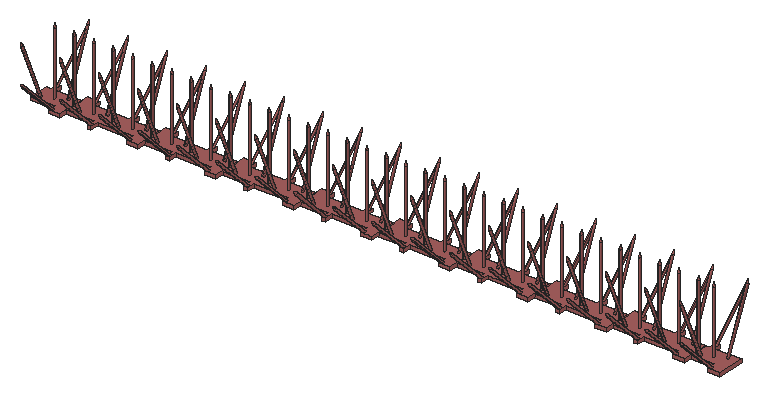
Revit family "BirdControl_Spikes_BirdBGone_2000", category Specialty Equipment, Revit 2018
Family settings
  Round Connector Dimension = Use Diameter
  Part Type = Normal
  OmniClass Number = 23.40.10.14.14.99
  OmniClass Title = Other Manufactured Exterior Specialties
  Cut with Voids When Loaded = No
  Shared = No
  Room Calculation Point = No
Parameters (values of type "BirdBGone template - Line Based")
  Warranty Duration (Years) = 0
  Units [instance] = ([built-in parameter 1001306] - 0' 7") / 0' 5"  # 8
  URL = "http://www.birdbgone.com/"
  Test Data = "http://www.birdbgone.com/bird-control-product-msds"
  Specification = "http://www.arcat.com/sdspecs/htm/10290bir.htm"
  SpecWizard = ""
  Send Message = "http://www.arcat.com/users.pl?action=UserEmail&company=Bird-B-Gone,%20Inc.&coid=38371&rep=147&fax=949-472-3116&mf="
  Sales Information = "http://www.birdbgone.com/bird-control-store/"
  Revision = "R1_10-2010"
  Product Properties = "http://www.arcat.com/bim/bim_info.pl?fn=BirdBGone"
  Product Data = "http://www.arcat.com/arcatcos/cos38/arc38371.html"
  Model = "As Specified in 10 81 19"
  Material = Plastic - Bird B Gone - Polycarbonate - Brick Red
  Manufacturer Website = "http://www.birdbgone.com/"
  Manufacturer Phone - Toll Free = "800-392-6915"
  Manufacturer Phone = "949-472-3122"
  Manufacturer Fax = "949-472-3116"
  Manufacturer Address = "23918 Skyline, Mission Viejo, CA 92692"
  Manufacturer = "Bird-B-Gone, Inc."
  Maintenance Schedule (Months) = 0
  built-in parameter 1001306 [instance] = 4' - 0"
  Keynote = "10 81 19"
  Installation-Fabrication = "http://www.birdbgone.com/installation-instructions"
  Installation Phase = ""
  Green Building-LEED = "http://www.arcat.com/green/clients/leed_data_38371.html"
  Expected Lifespan (Years) = 0
  End [instance] = Units * 0' 5"  # 3' - 4"
  Drawn By = "Robert S. Weygant, CSI, CDT, SCIP"
  Description = "Bird Control Equipment as Specified in 10 81 19"
  Copyright = "2010 ARCAT, Inc."
  Construction Details = "http://www.arcat.com/details/birdbgon/birdbgon.html?coid=38371"
  Building Codes = "http://www.birdbgone.com/knowledge-center/"
  Back Row 2 = yes
  Back Row 1 = yes
  Assembly Code = "E1090900"
Reference planes (in)
  plane 1 "Center (Front/Back)": y = 0
  plane 2: z = 0
  plane 3 "Left": x = 0
  plane 4 "Right": x = 48
  plane 5: y = 0.625
  plane 6: y = -0.625
  plane 7: x = 2.25
  plane 8: x = 42.25
Lines and regions (in)
  reference lines
    curve 1: line (0, 0, 0) -> (48, 0, 0)
Dimensions and locks (in)
  "built-in parameter 1001306": plane 3 "Left" to plane 4 "Right"
  equal spacing: plane 5, curve 1, plane 6
  locked: plane 5 to plane 6 at 1.25
  equal spacing: group 1, group 2, group 3, group 4, group 5, group 6, group 7, group 8  (x3)
  locked: plane 3 "Left" to plane 7 at 2.25
  "End": plane 7 to plane 8
  aligned and locked: plane 4 "Right" to curve 1
  aligned and locked: plane 3 "Left" to curve 1
  aligned and locked: nested 10 to plane 8
Nested families (in)
  nested 1: "SpikeUnit_2000_End" at (0, 0, 0) x (0, -1, 0) z (0, 0, 1), Back Row 2 <- "Back Row 2", Back Row 1 <- "Back Row 1", Material <- "Material", type "BirdBGone template - Standalone"
    with offset 0' - 0", Unit Height 0' - 4 1/2", Material Plastic - Bird B Gone - Polycarbonate - Brick Red, End Peg yes, Back Row 2 yes, Back Row 1 yes
  nested 2: "SpikeUnit_2000" at (4.75, 0, 0) x (0, -1, 0) z (0, 0, 1), Back Row 2 <- "Back Row 2", Back Row 1 <- "Back Row 1", Material <- "Material", type "BirdBGone template - Standalone"
    with offset 0' - 0", Unit Height 0' - 4 1/2", Material Plastic - Bird B Gone - Polycarbonate - Brick Red, Back Row 2 yes, Back Row 1 yes
  nested 3: "SpikeUnit_2000" at (9.75, 0, 0) x (0, -1, 0) z (0, 0, 1), Back Row 2 <- "Back Row 2", Back Row 1 <- "Back Row 1", Material <- "Material", type "BirdBGone template - Standalone"
    with offset 0' - 0", Unit Height 0' - 4 1/2", Material Plastic - Bird B Gone - Polycarbonate - Brick Red, Back Row 2 yes, Back Row 1 yes
  nested 4: "SpikeUnit_2000" at (14.75, 0, 0) x (0, -1, 0) z (0, 0, 1), Back Row 2 <- "Back Row 2", Back Row 1 <- "Back Row 1", Material <- "Material", type "BirdBGone template - Standalone"
    with offset 0' - 0", Unit Height 0' - 4 1/2", Material Plastic - Bird B Gone - Polycarbonate - Brick Red, Back Row 2 yes, Back Row 1 yes
  nested 5: "SpikeUnit_2000" at (19.75, 0, 0) x (0, -1, 0) z (0, 0, 1), Back Row 2 <- "Back Row 2", Back Row 1 <- "Back Row 1", Material <- "Material", type "BirdBGone template - Standalone"
    with offset 0' - 0", Unit Height 0' - 4 1/2", Material Plastic - Bird B Gone - Polycarbonate - Brick Red, Back Row 2 yes, Back Row 1 yes
  nested 6: "SpikeUnit_2000" at (24.75, 0, 0) x (0, -1, 0) z (0, 0, 1), Back Row 2 <- "Back Row 2", Back Row 1 <- "Back Row 1", Material <- "Material", type "BirdBGone template - Standalone"
    with offset 0' - 0", Unit Height 0' - 4 1/2", Material Plastic - Bird B Gone - Polycarbonate - Brick Red, Back Row 2 yes, Back Row 1 yes
  nested 7: "SpikeUnit_2000" at (29.75, 0, 0) x (0, -1, 0) z (0, 0, 1), Back Row 2 <- "Back Row 2", Back Row 1 <- "Back Row 1", Material <- "Material", type "BirdBGone template - Standalone"
    with offset 0' - 0", Unit Height 0' - 4 1/2", Material Plastic - Bird B Gone - Polycarbonate - Brick Red, Back Row 2 yes, Back Row 1 yes
  nested 8: "SpikeUnit_2000" at (34.75, 0, 0) x (0, -1, 0) z (0, 0, 1), Back Row 2 <- "Back Row 2", Back Row 1 <- "Back Row 1", Material <- "Material", type "BirdBGone template - Standalone"
    with offset 0' - 0", Unit Height 0' - 4 1/2", Material Plastic - Bird B Gone - Polycarbonate - Brick Red, Back Row 2 yes, Back Row 1 yes
  nested 9: "SpikeUnit_2000" at (39.75, 0, 0) x (0, -1, 0) z (0, 0, 1), Back Row 2 <- "Back Row 2", Back Row 1 <- "Back Row 1", Material <- "Material", type "BirdBGone template - Standalone"
    with offset 0' - 0", Unit Height 0' - 4 1/2", Material Plastic - Bird B Gone - Polycarbonate - Brick Red, Back Row 2 yes, Back Row 1 yes
  nested 10: "SpikeUnit_2000_End" at (42.25, 0, 0) x (0, -1, 0) z (0, 0, 1), Back Row 2 <- "Back Row 2", Back Row 1 <- "Back Row 1", Material <- "Material", type "BirdBGone template - Standalone"
    with offset 0' - 0", Unit Height 0' - 4 1/2", Material Plastic - Bird B Gone - Polycarbonate - Brick Red, End Peg no, Back Row 2 yes, Back Row 1 yes
Definition of nested family "SpikeUnit_2000_End"
  Parameters
    offset [instance] = 0' - 0"
    Warranty Duration (Years) = 0
    Unit Width = 0' - 7"
    Unit Height [instance] = 0' - 4 1/2"
    Unit Depth = 0' - 0 1/4"
    URL = "http://www.birdbgone.com/"
    Test Data = "http://www.birdbgone.com/bird-control-product-msds"
    Specification = "http://www.arcat.com/sdspecs/htm/10290bir.htm"
    SpecWizard = ""
    Send Message = "http://www.arcat.com/users.pl?action=UserEmail&company=Bird-B-Gone,%20Inc.&coid=38371&rep=147&fax=949-472-3116&mf="
    Sales Information = "http://www.birdbgone.com/bird-control-store/"
    Revision = "R1_10-2010"
    Product Properties = "http://www.arcat.com/bim/bim_info.pl?fn=BirdBGone"
    Product Data = "http://www.arcat.com/arcatcos/cos38/arc38371.html"
    Model = "As Specified in 10 81 19"
    Material [instance] = none
    Manufacturer Website = "http://www.birdbgone.com/"
    Manufacturer Phone - Toll Free = "800-392-6915"
    Manufacturer Phone = "949-472-3122"
    Manufacturer Fax = "949-472-3116"
    Manufacturer Address = "23918 Skyline, Mission Viejo, CA 92692"
    Manufacturer = "Bird-B-Gone, Inc."
    Maintenance Schedule (Months) = 0
    Keynote = "10 81 19"
    Installation-Fabrication = "http://www.birdbgone.com/installation-instructions"
    Installation Phase = ""
    Green Building-LEED = "http://www.arcat.com/green/clients/leed_data_38371.html"
    Expected Lifespan (Years) = 0
    End Peg [instance] = yes
    Drawn By = "Robert S. Weygant, CSI, CDT, SCIP"
    Description = "Bird Control Equipment as Specified in 10 81 19"
    Copyright = "wt"
    Construction Details = "http://www.arcat.com/details/birdbgon/birdbgon.html?coid=38371"
    Building Codes = "http://www.birdbgone.com/knowledge-center/"
    Back Row 2 [instance] = yes
    Back Row 1 [instance] = yes
    Assembly Code = "E1090900"
  Reference planes (in)
    plane 1 "Center (Front/Back)": y = 0
    plane 2 "Bottom": z = 0
    plane 3 "Center (Left/Right)": x = 0
    plane 4 "Top": z = 4.5
    plane 5: y = 2.25
  Forms (in)
    Extrusion 1, solid, material <- "Material"
      sketch origin (0, -0.5, 0) x (0, -1, 0) y (1, 0, 0)
        loop
          line (-0.5, -0.625) -> (-0.5, 0.625) -> (-2, 0.625) -> (-2, 1.125) -> (-2.75, 1.125) -> (-2.75, -0.625) -> (-1.00192, -0.625) -> (-1.00192, -1.125) -> (-0.75, -1.125) -> (-0.75, -0.625) -> (-0.5, -0.625)
      from 0 to 0.21875
    Revolve 2, solid, material <- "Material", detail levels medium+fine
      sketch origin (0.78125, 1.625, 0) x (0.707107, 0, 0.707107) y (-0.707107, 0, 0.707107)
        loop
          line (3.875, 0) -> (0.15782, 0) -> (0.15782, -0.0625) -> (3.64088, -0.0625) -> (3.875, 0)
        axis (3.875, 0) -> (0.15782, 0)
      angle from 0 to 360
    Revolve 3, solid, material <- "Material", visible <- "Back Row 2", detail levels medium+fine
      sketch origin (-0.78125, 0.375, 0) x (-0.707107, 0, 0.707107) y (-0.707107, 0, -0.707107)
        loop
          line (3.875, 0) -> (3.64088, 0.0625) -> (0.15782, 0.0625) -> (0.15782, 0) -> (3.875, 0)
        axis (3.875, 0) -> (0.15782, 0)
      angle from 0 to 360
    Revolve 4, solid, material <- "Material", visible <- "Back Row 1", detail levels medium+fine
      sketch origin (-0.18577, 1.625, 0) x (-0.707107, 0, 0.707107) y (-0.707107, 0, -0.707107)
        loop
          line (4.10185, -1.59349) -> (3.90819, -1.44784) -> (0.24709, 0.03134) -> (0.22368, -0.02661) -> (4.10185, -1.59349)
        axis (4.10185, -1.59349) -> (0.22368, -0.02661)
      angle from 0 to 360
    Revolve 5, solid, material <- "Material", detail levels medium+fine
      sketch origin (0.18577, 0.375, 0) x (0.707107, 0, 0.707107) y (-0.707107, 0, 0.707107)
        loop
          line (4.10185, 1.59349) -> (0.22368, 0.02661) -> (0.24709, -0.03134) -> (3.90819, 1.44784) -> (4.10185, 1.59349)
        axis (4.10185, 1.59349) -> (0.22368, 0.02661)
      angle from 0 to 360
    Revolve 6, solid, material <- "Material", detail levels medium+fine
      sketch origin (-0.05912, 1, -0.04038) x (0.374607, 0, 0.927184) y (-0.927184, 0, 0.374607)
        loop
          line (4.23191, 1.64604) -> (0.26241, 0.04225) -> (0.28582, -0.01569) -> (4.03825, 1.50039) -> (4.23191, 1.64604)
        axis (4.23191, 1.64604) -> (0.26241, 0.04225)
      angle from 0 to 360
    Revolve 7, solid, material <- "Material", visible <- "End Peg", detail levels medium+fine
      sketch origin (-0.05912, 2.25, -0.04038) x (0.374607, 0, 0.927184) y (-0.927184, 0, 0.374607)
        loop
          line (4.23191, 1.64604) -> (0.26241, 0.04225) -> (0.28582, -0.01569) -> (4.03825, 1.50039) -> (4.23191, 1.64604)
        axis (4.23191, 1.64604) -> (0.26241, 0.04225)
      angle from 0 to 360
  Lines and regions (in)
    model lines, detail levels coarse
      curve 1: line (0, 1, 0.21875) -> (0, 1, 4.5)
      curve 2: line (0.34375, 0.375, 0.21875) -> (1.95937, 0.375, 4.02714)
      curve 4: line (1, 1.625, 0.21875) -> (3.5213, 1.625, 2.74005)
    model lines, visible <- "Back Row 1", detail levels coarse
      curve 3: line (-0.34375, 1.625, 0.21875) -> (-1.95937, 1.625, 4.02714)
    model lines, visible <- "Back Row 2", detail levels coarse
      curve 5: line (-1, 0.375, 0.21875) -> (-3.5213, 0.375, 2.74005)
    model lines, visible <- "End Peg", detail levels coarse
      curve 6: line (0, 2.25, 0.21875) -> (0, 2.25, 4.5)
  Dimensions and locks (in)
    "Unit Height": plane 4 "Top" to level
  Automatic sketch dimensions
    Extrusion 1 sketch curve to plane 5 = 0' - 0"
    Extrusion 1 sketch curve to plane 1 "Center (Front/Back)" = 0' - 0"
    Extrusion 1 sketch curve to Extrusion 1 sketch curve = 0' - 0 3/4"
    Extrusion 1 sketch curve to plane 1 "Center (Front/Back)" = 0' - 0.50192"
    Extrusion 1 sketch curve to plane 1 "Center (Front/Back)" = 0' - 0 1/4"
    Extrusion 1 sketch curve to plane 3 "Center (Left/Right)" = 0' - 1 1/8"
    Extrusion 1 sketch curve to Extrusion 1 sketch curve = 0' - 0 1/2"  (x2)
    Extrusion 1 sketch curve to plane 3 "Center (Left/Right)" = 0' - 0 5/8"
    plane 3 "Center (Left/Right)" to Extrusion 1 sketch curve = 0' - 0 5/8"
    Revolve 2 sketch curve to plane 3 "Center (Left/Right)" = 0' - 0.22412"
    Revolve 2 sketch curve to level = 0' - 1.00537"
    Revolve 2 sketch curve to Revolve 2 sketch curve = 0' - 1.57963"
    Revolve 2 sketch curve to Revolve 2 sketch curve = 0' - 3.48306"
    Revolve 2 sketch curve to Revolve 2 sketch curve = 0' - 0.23412"
    Revolve 2 sketch curve to Revolve 2 sketch curve = 0' - 1.2032"
    Revolve 2 sketch curve to Revolve 2 sketch curve = 0' - 0"
    Revolve 2 sketch curve to Revolve 2 sketch curve = 0' - 0 1/16"
    plane 3 "Center (Left/Right)" to Revolve 3 sketch curve = 0' - 0.22412"
    Revolve 3 sketch curve to level = 0' - 1.00537"
    Revolve 3 sketch curve to Revolve 3 sketch curve = 0' - 1.57963"
    Revolve 3 sketch curve to Revolve 3 sketch curve = 0' - 3.48306"
    Revolve 3 sketch curve to Revolve 3 sketch curve = 0' - 0.23412"
    Revolve 3 sketch curve to Revolve 3 sketch curve = 0' - 1.2032"
    Revolve 3 sketch curve to Revolve 3 sketch curve = 0' - 0"
    Revolve 3 sketch curve to Revolve 3 sketch curve = 0' - 0 1/16"
    plane 3 "Center (Left/Right)" to Revolve 4 sketch curve = 0' - 0.31984"
    Revolve 4 sketch curve to level = 0' - 1.34246"
    Revolve 4 sketch curve to Revolve 4 sketch curve = 0' - 1.53046"
    Revolve 4 sketch curve to Revolve 4 sketch curve = 0' - 0.02341"
    Revolve 4 sketch curve to Revolve 4 sketch curve = 0' - 3.6611"
    Revolve 4 sketch curve to Revolve 4 sketch curve = 0' - 0.19366"
    Revolve 4 sketch curve to Revolve 4 sketch curve = 0' - 0.61807"
    Revolve 4 sketch curve to Revolve 4 sketch curve = 0' - 0.5604"
    Revolve 4 sketch curve to Revolve 4 sketch curve = 0' - 0.05795"
    Revolve 4 sketch curve to Revolve 4 sketch curve = 0' - 0.24972"
    Revolve 5 sketch curve to plane 3 "Center (Left/Right)" = 0' - 0.31984"
    Revolve 5 sketch curve to level = 0' - 1.34246"
    Revolve 5 sketch curve to Revolve 5 sketch curve = 0' - 1.53046"
    Revolve 5 sketch curve to Revolve 5 sketch curve = 0' - 0.02341"
    Revolve 5 sketch curve to Revolve 5 sketch curve = 0' - 3.6611"
    Revolve 5 sketch curve to Revolve 5 sketch curve = 0' - 0.19366"
    Revolve 5 sketch curve to Revolve 5 sketch curve = 0' - 0.61807"
    Revolve 5 sketch curve to Revolve 5 sketch curve = 0' - 0.5604"
    Revolve 5 sketch curve to Revolve 5 sketch curve = 0' - 0.05795"
    Revolve 5 sketch curve to Revolve 5 sketch curve = 0' - 0.24972"
    Revolve 6 sketch curve to plane 3 "Center (Left/Right)" = 0' - 0"  (x4)
    Revolve 6 sketch curve to plane 4 "Top" = 0' - 0"
    Revolve 6 sketch curve to Revolve 6 sketch curve = 0' - 0.19366"
    Revolve 6 sketch curve to Revolve 6 sketch curve = 0' - 3.75243"
    Revolve 6 sketch curve to Revolve 6 sketch curve = 0' - 0.02341"
    Revolve 6 sketch curve to Revolve 6 sketch curve = 0' - 1.56919"
    Revolve 6 sketch curve to Revolve 6 sketch curve = 0' - 0.488"
    curve 1 to plane 3 "Center (Left/Right)" = 0' - 0"  (x2)
    curve 1 to plane 4 "Top" = 0' - 0"
    curve 1 to curve 1 = 0' - 3.0273"
    curve 5 to plane 4 "Top" = 0' - 1.75995"
    curve 5 to plane 3 "Center (Left/Right)" = 0' - 3.5213"
    curve 5 to curve 2 = 0' - 0.95017"
    curve 2 to curve 2 = 0' - 3.83535"
    curve 2 to curve 5 = 0' - 2.9653"
    curve 5 to curve 5 = 0' - 3.56565"
    curve 2 to curve 5 = 0' - 0.95017"
    level to curve 3 = 0' - 0 7/32"
    curve 3 to plane 3 "Center (Left/Right)" = 0' - 0 11/32"
    curve 3 to curve 4 = 0' - 0.95017"
    curve 3 to curve 3 = 0' - 1.55053"
    curve 4 to curve 4 = 0' - 3.56565"
    curve 4 to curve 3 = 0' - 0.95017"
    curve 3 to curve 3 = 0' - 3.83535"
    Revolve 7 sketch curve to plane 3 "Center (Left/Right)" = 0' - 0"  (x4)
    Revolve 7 sketch curve to plane 4 "Top" = 0' - 0"
    Revolve 7 sketch curve to Revolve 7 sketch curve = 0' - 0.19366"
    Revolve 7 sketch curve to Revolve 7 sketch curve = 0' - 3.75243"
    Revolve 7 sketch curve to Revolve 7 sketch curve = 0' - 0.02341"
    Revolve 7 sketch curve to Revolve 7 sketch curve = 0' - 1.56919"
    Revolve 7 sketch curve to Revolve 7 sketch curve = 0' - 0.488"
    curve 6 to plane 3 "Center (Left/Right)" = 0' - 0"  (x2)
    curve 6 to plane 4 "Top" = 0' - 0"
    curve 6 to curve 6 = 0' - 3.0273"
Definition of nested family "SpikeUnit_2000"
  Parameters
    offset [instance] = 0' - 0"
    Warranty Duration (Years) = 0
    Unit Width = 0' - 7"
    Unit Height [instance] = 0' - 4 1/2"
    Unit Depth = 0' - 0 1/4"
    URL = "http://www.birdbgone.com/"
    Test Data = "http://www.birdbgone.com/bird-control-product-msds"
    Specification = "http://www.arcat.com/sdspecs/htm/10290bir.htm"
    SpecWizard = ""
    Send Message = "http://www.arcat.com/users.pl?action=UserEmail&company=Bird-B-Gone,%20Inc.&coid=38371&rep=147&fax=949-472-3116&mf="
    Sales Information = "http://www.birdbgone.com/bird-control-store/"
    Revision = "R1_10-2010"
    Product Properties = "http://www.arcat.com/bim/bim_info.pl?fn=BirdBGone"
    Product Data = "http://www.arcat.com/arcatcos/cos38/arc38371.html"
    Model = "As Specified in 10 81 19"
    Material [instance] = none
    Manufacturer Website = "http://www.birdbgone.com/"
    Manufacturer Phone - Toll Free = "800-392-6915"
    Manufacturer Phone = "949-472-3122"
    Manufacturer Fax = "949-472-3116"
    Manufacturer Address = "23918 Skyline, Mission Viejo, CA 92692"
    Manufacturer = "Bird-B-Gone, Inc."
    Maintenance Schedule (Months) = 0
    Keynote = "10 81 19"
    Installation-Fabrication = "http://www.birdbgone.com/installation-instructions"
    Installation Phase = ""
    Green Building-LEED = "http://www.arcat.com/green/clients/leed_data_38371.html"
    Expected Lifespan (Years) = 0
    Drawn By = "Robert S. Weygant, CSI, CDT, SCIP"
    Description = "Bird Control Equipment as Specified in 10 81 19"
    Copyright = "wt"
    Construction Details = "http://www.arcat.com/details/birdbgon/birdbgon.html?coid=38371"
    Building Codes = "http://www.birdbgone.com/knowledge-center/"
    Back Row 2 [instance] = yes
    Back Row 1 [instance] = yes
    Assembly Code = "E1090900"
  Reference planes (in)
    plane 1 "Center (Front/Back)": y = 0
    plane 2 "Bottom": z = 0
    plane 3 "Center (Left/Right)": x = 0
    plane 4 "Top": z = 4.5
    plane 5: y = 2.5
    plane 6: y = -2.5
  Forms (in)
    Extrusion 1, solid, material <- "Material"
      sketch origin (0, -0.25, 0) x (0, -1, 0) y (1, 0, 0)
        loop
          line (1.5, -0.625) -> (1.5, -1.125) -> (2.25, -1.125) -> (2.25, 0.625) -> (0.5, 0.625) -> (0.5, 1.125) -> (0.24808, 1.125) -> (0.24808, 0.625) -> (-2, 0.625) -> (-2, 1.125) -> (-2.75, 1.125) -> (-2.75, -0.625) -> (-1.00192, -0.625) -> (-1.00192, -1.125) -> (-0.75, -1.125) -> (-0.75, -0.625) -> (1.5, -0.625)
      from 0 to 0.21875
    Revolve 2, solid, material <- "Material", detail levels medium+fine
      sketch origin (0.78125, 1.875, 0) x (0.707107, 0, 0.707107) y (-0.707107, 0, 0.707107)
        loop
          line (3.875, 0) -> (0.15782, 0) -> (0.15782, -0.0625) -> (3.64088, -0.0625) -> (3.875, 0)
        axis (3.875, 0) -> (0.15782, 0)
      angle from 0 to 360
    Revolve 3, solid, material <- "Material", detail levels medium+fine
      sketch origin (0.78125, -0.625, 0) x (0.707107, 0, 0.707107) y (-0.707107, 0, 0.707107)
        loop
          line (3.875, 0) -> (0.15782, 0) -> (0.15782, -0.0625) -> (3.64088, -0.0625) -> (3.875, 0)
        axis (3.875, 0) -> (0.15782, 0)
      angle from 0 to 360
    Revolve 4, solid, material <- "Material", visible <- "Back Row 2", detail levels medium+fine
      sketch origin (-0.78125, 0.625, 0) x (-0.707107, 0, 0.707107) y (-0.707107, 0, -0.707107)
        loop
          line (3.875, 0) -> (3.64088, 0.0625) -> (0.15782, 0.0625) -> (0.15782, 0) -> (3.875, 0)
        axis (3.875, 0) -> (0.15782, 0)
      angle from 0 to 360
    Revolve 5, solid, material <- "Material", visible <- "Back Row 2", detail levels medium+fine
      sketch origin (-0.78125, -1.875, 0) x (-0.707107, 0, 0.707107) y (-0.707107, 0, -0.707107)
        loop
          line (3.875, 0) -> (3.64088, 0.0625) -> (0.15782, 0.0625) -> (0.15782, 0) -> (3.875, 0)
        axis (3.875, 0) -> (0.15782, 0)
      angle from 0 to 360
    Revolve 6, solid, material <- "Material", visible <- "Back Row 1", detail levels medium+fine
      sketch origin (-0.18577, 1.875, 0) x (-0.707107, 0, 0.707107) y (-0.707107, 0, -0.707107)
        loop
          line (4.10185, -1.59349) -> (3.90819, -1.44784) -> (0.24709, 0.03134) -> (0.22368, -0.02661) -> (4.10185, -1.59349)
        axis (4.10185, -1.59349) -> (0.22368, -0.02661)
      angle from 0 to 360
    Revolve 7, solid, material <- "Material", visible <- "Back Row 1", detail levels medium+fine
      sketch origin (-0.18577, -0.625, 0) x (-0.707107, 0, 0.707107) y (-0.707107, 0, -0.707107)
        loop
          line (4.10185, -1.59349) -> (3.90819, -1.44784) -> (0.24709, 0.03134) -> (0.22368, -0.02661) -> (4.10185, -1.59349)
        axis (4.10185, -1.59349) -> (0.22368, -0.02661)
      angle from 0 to 360
    Revolve 8, solid, material <- "Material", detail levels medium+fine
      sketch origin (0.18577, 0.625, 0) x (0.707107, 0, 0.707107) y (-0.707107, 0, 0.707107)
        loop
          line (4.10185, 1.59349) -> (0.22368, 0.02661) -> (0.24709, -0.03134) -> (3.90819, 1.44784) -> (4.10185, 1.59349)
        axis (4.10185, 1.59349) -> (0.22368, 0.02661)
      angle from 0 to 360
    Revolve 9, solid, material <- "Material", detail levels medium+fine
      sketch origin (0.18577, -1.875, 0) x (0.707107, 0, 0.707107) y (-0.707107, 0, 0.707107)
        loop
          line (4.10185, 1.59349) -> (0.22368, 0.02661) -> (0.24709, -0.03134) -> (3.90819, 1.44784) -> (4.10185, 1.59349)
        axis (4.10185, 1.59349) -> (0.22368, 0.02661)
      angle from 0 to 360
    Revolve 10, solid, material <- "Material", detail levels medium+fine
      sketch origin (-0.05912, -1.25, -0.04038) x (0.374607, 0, 0.927184) y (-0.927184, 0, 0.374607)
        loop
          line (4.23191, 1.64604) -> (0.26241, 0.04225) -> (0.28582, -0.01569) -> (4.03825, 1.50039) -> (4.23191, 1.64604)
        axis (4.23191, 1.64604) -> (0.26241, 0.04225)
      angle from 0 to 360
    Revolve 11, solid, material <- "Material", detail levels medium+fine
      sketch origin (-0.05912, 1.25, -0.04038) x (0.374607, 0, 0.927184) y (-0.927184, 0, 0.374607)
        loop
          line (4.23191, 1.64604) -> (0.26241, 0.04225) -> (0.28582, -0.01569) -> (4.03825, 1.50039) -> (4.23191, 1.64604)
        axis (4.23191, 1.64604) -> (0.26241, 0.04225)
      angle from 0 to 360
    Revolve 12, solid, material <- "Material", detail levels medium+fine
      sketch origin (-0.05912, 0, -0.04038) x (0.374607, 0, 0.927184) y (-0.927184, 0, 0.374607)
        loop
          line (4.23191, 1.64604) -> (0.26241, 0.04225) -> (0.28582, -0.01569) -> (4.03825, 1.50039) -> (4.23191, 1.64604)
        axis (4.23191, 1.64604) -> (0.26241, 0.04225)
      angle from 0 to 360
    Revolve 13, solid, material <- "Material", detail levels medium+fine
      sketch origin (-0.05912, 2.5, -0.04038) x (0.374607, 0, 0.927184) y (-0.927184, 0, 0.374607)
        loop
          line (4.23191, 1.64604) -> (0.26241, 0.04225) -> (0.28582, -0.01569) -> (4.03825, 1.50039) -> (4.23191, 1.64604)
        axis (4.23191, 1.64604) -> (0.26241, 0.04225)
      angle from 0 to 360
  Lines and regions (in)
    model lines, detail levels coarse
      curve 1: line (0, 0, 0.21875) -> (0, 0, 4.5)
      curve 2: line (0, -1.25, 0.21875) -> (0, -1.25, 4.5)
      curve 3: line (0, 1.25, 0.21875) -> (0, 1.25, 4.5)
      curve 4: line (0.34375, -1.875, 0.21875) -> (1.95937, -1.875, 4.02714)
      curve 5: line (0.34375, 0.625, 0.21875) -> (1.95937, 0.625, 4.02714)
      curve 8: line (1, -0.625, 0.21875) -> (3.5213, -0.625, 2.74005)
      curve 9: line (1, 1.875, 0.21875) -> (3.5213, 1.875, 2.74005)
      curve 12: line (0, 2.5, 0.21875) -> (0, 2.5, 4.5)
    model lines, visible <- "Back Row 1", detail levels coarse
      curve 6: line (-0.34375, -0.625, 0.21875) -> (-1.95937, -0.625, 4.02714)
      curve 7: line (-0.34375, 1.875, 0.21875) -> (-1.95937, 1.875, 4.02714)
    model lines, visible <- "Back Row 2", detail levels coarse
      curve 10: line (-1, -1.875, 0.21875) -> (-3.5213, -1.875, 2.74005)
      curve 11: line (-1, 0.625, 0.21875) -> (-3.5213, 0.625, 2.74005)
  Dimensions and locks (in)
    "Unit Height": plane 4 "Top" to level
  Automatic sketch dimensions
    curve 1 to plane 3 "Center (Left/Right)" = 0' - 0"  (x2)
    curve 1 to plane 4 "Top" = 0' - 0"
    curve 1 to curve 1 = 0' - 3.0273"
    Extrusion 1 sketch curve to plane 5 = 0' - 0"
    Extrusion 1 sketch curve to plane 6 = 0' - 0"
    Extrusion 1 sketch curve to Extrusion 1 sketch curve = 0' - 0 3/4"
    Extrusion 1 sketch curve to plane 1 "Center (Front/Back)" = 0' - 0.75192"
    Extrusion 1 sketch curve to Extrusion 1 sketch curve = 0' - 0.25192"  (x2)
    plane 1 "Center (Front/Back)" to Extrusion 1 sketch curve = 0' - 0.49808"
    plane 6 to Extrusion 1 sketch curve = 0' - 0 3/4"
    Extrusion 1 sketch curve to plane 3 "Center (Left/Right)" = 0' - 1 1/8"  (x2)
    Extrusion 1 sketch curve to Extrusion 1 sketch curve = 0' - 0 1/2"  (x3)
    Extrusion 1 sketch curve to Extrusion 1 sketch curve = 0' - 0"
    plane 3 "Center (Left/Right)" to Extrusion 1 sketch curve = 0' - 0 5/8"  (x2)
    Revolve 2 sketch curve to plane 3 "Center (Left/Right)" = 0' - 0.22412"
    Revolve 2 sketch curve to level = 0' - 1.00537"
    Revolve 2 sketch curve to Revolve 2 sketch curve = 0' - 1.57963"
    Revolve 2 sketch curve to Revolve 2 sketch curve = 0' - 3.48306"
    Revolve 2 sketch curve to Revolve 2 sketch curve = 0' - 0.23412"
    Revolve 2 sketch curve to Revolve 2 sketch curve = 0' - 1.2032"
    Revolve 2 sketch curve to Revolve 2 sketch curve = 0' - 0"
    Revolve 2 sketch curve to Revolve 2 sketch curve = 0' - 0 1/16"
    Revolve 3 sketch curve to plane 3 "Center (Left/Right)" = 0' - 0.22412"
    Revolve 3 sketch curve to level = 0' - 1.00537"
    Revolve 3 sketch curve to Revolve 3 sketch curve = 0' - 1.57963"
    Revolve 3 sketch curve to Revolve 3 sketch curve = 0' - 3.48306"
    Revolve 3 sketch curve to Revolve 3 sketch curve = 0' - 0.23412"
    Revolve 3 sketch curve to Revolve 3 sketch curve = 0' - 1.2032"
    Revolve 3 sketch curve to Revolve 3 sketch curve = 0' - 0"
    Revolve 3 sketch curve to Revolve 3 sketch curve = 0' - 0 1/16"
    plane 3 "Center (Left/Right)" to Revolve 4 sketch curve = 0' - 0.22412"
    Revolve 4 sketch curve to level = 0' - 1.00537"
    Revolve 4 sketch curve to Revolve 4 sketch curve = 0' - 1.57963"
    Revolve 4 sketch curve to Revolve 4 sketch curve = 0' - 3.48306"
    Revolve 4 sketch curve to Revolve 4 sketch curve = 0' - 0.23412"
    Revolve 4 sketch curve to Revolve 4 sketch curve = 0' - 1.2032"
    Revolve 4 sketch curve to Revolve 4 sketch curve = 0' - 0"
    Revolve 4 sketch curve to Revolve 4 sketch curve = 0' - 0 1/16"
    plane 3 "Center (Left/Right)" to Revolve 5 sketch curve = 0' - 0.22412"
    Revolve 5 sketch curve to level = 0' - 1.00537"
    Revolve 5 sketch curve to Revolve 5 sketch curve = 0' - 1.57963"
    Revolve 5 sketch curve to Revolve 5 sketch curve = 0' - 3.48306"
    Revolve 5 sketch curve to Revolve 5 sketch curve = 0' - 0.23412"
    Revolve 5 sketch curve to Revolve 5 sketch curve = 0' - 1.2032"
    Revolve 5 sketch curve to Revolve 5 sketch curve = 0' - 0"
    Revolve 5 sketch curve to Revolve 5 sketch curve = 0' - 0 1/16"
    plane 3 "Center (Left/Right)" to Revolve 6 sketch curve = 0' - 0.31984"
    Revolve 6 sketch curve to level = 0' - 1.34246"
    Revolve 6 sketch curve to Revolve 6 sketch curve = 0' - 1.53046"
    Revolve 6 sketch curve to Revolve 6 sketch curve = 0' - 0.02341"
    Revolve 6 sketch curve to Revolve 6 sketch curve = 0' - 3.6611"
    Revolve 6 sketch curve to Revolve 6 sketch curve = 0' - 0.19366"
    Revolve 6 sketch curve to Revolve 6 sketch curve = 0' - 0.61807"
    Revolve 6 sketch curve to Revolve 6 sketch curve = 0' - 0.5604"
    Revolve 6 sketch curve to Revolve 6 sketch curve = 0' - 0.05795"
    Revolve 6 sketch curve to Revolve 6 sketch curve = 0' - 0.24972"
    plane 3 "Center (Left/Right)" to Revolve 7 sketch curve = 0' - 0.31984"
    Revolve 7 sketch curve to level = 0' - 1.34246"
    Revolve 7 sketch curve to Revolve 7 sketch curve = 0' - 1.53046"
    Revolve 7 sketch curve to Revolve 7 sketch curve = 0' - 0.02341"
    Revolve 7 sketch curve to Revolve 7 sketch curve = 0' - 3.6611"
    Revolve 7 sketch curve to Revolve 7 sketch curve = 0' - 0.19366"
    Revolve 7 sketch curve to Revolve 7 sketch curve = 0' - 0.61807"
    Revolve 7 sketch curve to Revolve 7 sketch curve = 0' - 0.5604"
    Revolve 7 sketch curve to Revolve 7 sketch curve = 0' - 0.05795"
    Revolve 7 sketch curve to Revolve 7 sketch curve = 0' - 0.24972"
    Revolve 8 sketch curve to plane 3 "Center (Left/Right)" = 0' - 0.31984"
    Revolve 8 sketch curve to level = 0' - 1.34246"
    Revolve 8 sketch curve to Revolve 8 sketch curve = 0' - 1.53046"
    Revolve 8 sketch curve to Revolve 8 sketch curve = 0' - 0.02341"
    Revolve 8 sketch curve to Revolve 8 sketch curve = 0' - 3.6611"
    Revolve 8 sketch curve to Revolve 8 sketch curve = 0' - 0.19366"
    Revolve 8 sketch curve to Revolve 8 sketch curve = 0' - 0.61807"
    Revolve 8 sketch curve to Revolve 8 sketch curve = 0' - 0.5604"
    Revolve 8 sketch curve to Revolve 8 sketch curve = 0' - 0.05795"
    Revolve 8 sketch curve to Revolve 8 sketch curve = 0' - 0.24972"
    Revolve 9 sketch curve to plane 3 "Center (Left/Right)" = 0' - 0.31984"
    Revolve 9 sketch curve to level = 0' - 1.34246"
    Revolve 9 sketch curve to Revolve 9 sketch curve = 0' - 1.53046"
    Revolve 9 sketch curve to Revolve 9 sketch curve = 0' - 0.02341"
    Revolve 9 sketch curve to Revolve 9 sketch curve = 0' - 3.6611"
    Revolve 9 sketch curve to Revolve 9 sketch curve = 0' - 0.19366"
    Revolve 9 sketch curve to Revolve 9 sketch curve = 0' - 0.61807"
    Revolve 9 sketch curve to Revolve 9 sketch curve = 0' - 0.5604"
    Revolve 9 sketch curve to Revolve 9 sketch curve = 0' - 0.05795"
    Revolve 9 sketch curve to Revolve 9 sketch curve = 0' - 0.24972"
    Revolve 10 sketch curve to plane 3 "Center (Left/Right)" = 0' - 0"  (x4)
    Revolve 10 sketch curve to plane 4 "Top" = 0' - 0"
    Revolve 10 sketch curve to Revolve 10 sketch curve = 0' - 0.19366"
    Revolve 10 sketch curve to Revolve 10 sketch curve = 0' - 3.75243"
    Revolve 10 sketch curve to Revolve 10 sketch curve = 0' - 0.02341"
    Revolve 10 sketch curve to Revolve 10 sketch curve = 0' - 1.56919"
    Revolve 10 sketch curve to Revolve 10 sketch curve = 0' - 0.488"
    Revolve 11 sketch curve to plane 3 "Center (Left/Right)" = 0' - 0"  (x4)
    Revolve 11 sketch curve to plane 4 "Top" = 0' - 0"
    Revolve 11 sketch curve to Revolve 11 sketch curve = 0' - 0.19366"
    Revolve 11 sketch curve to Revolve 11 sketch curve = 0' - 3.75243"
    Revolve 11 sketch curve to Revolve 11 sketch curve = 0' - 0.02341"
    Revolve 11 sketch curve to Revolve 11 sketch curve = 0' - 1.56919"
    Revolve 11 sketch curve to Revolve 11 sketch curve = 0' - 0.488"
    Revolve 12 sketch curve to plane 3 "Center (Left/Right)" = 0' - 0"  (x4)
    Revolve 12 sketch curve to plane 4 "Top" = 0' - 0"
    Revolve 12 sketch curve to Revolve 12 sketch curve = 0' - 0.19366"
    Revolve 12 sketch curve to Revolve 12 sketch curve = 0' - 3.75243"
    Revolve 12 sketch curve to Revolve 12 sketch curve = 0' - 0.02341"
    Revolve 12 sketch curve to Revolve 12 sketch curve = 0' - 1.56919"
    Revolve 12 sketch curve to Revolve 12 sketch curve = 0' - 0.488"
    curve 2 to plane 3 "Center (Left/Right)" = 0' - 0"  (x2)
    curve 2 to plane 4 "Top" = 0' - 0"
    curve 2 to curve 2 = 0' - 3.0273"
    curve 3 to plane 3 "Center (Left/Right)" = 0' - 0"  (x2)
    curve 3 to plane 4 "Top" = 0' - 0"
    curve 3 to curve 3 = 0' - 3.0273"
    level to curve 6 = 0' - 0 7/32"
    curve 6 to plane 3 "Center (Left/Right)" = 0' - 0 11/32"
    curve 6 to curve 8 = 0' - 0.95017"
    curve 6 to curve 6 = 0' - 1.55053"
    curve 8 to curve 8 = 0' - 3.56565"
    curve 8 to curve 6 = 0' - 0.95017"
    curve 6 to curve 6 = 0' - 3.83535"
    curve 10 to plane 4 "Top" = 0' - 1.75995"
    curve 10 to plane 3 "Center (Left/Right)" = 0' - 3.5213"
    curve 10 to curve 4 = 0' - 0.95017"
    curve 4 to curve 4 = 0' - 3.83535"
    curve 4 to curve 10 = 0' - 2.9653"
    curve 10 to curve 10 = 0' - 3.56565"
    curve 4 to curve 10 = 0' - 0.95017"
    curve 11 to plane 4 "Top" = 0' - 1.75995"
    curve 11 to plane 3 "Center (Left/Right)" = 0' - 3.5213"
    curve 11 to curve 5 = 0' - 0.95017"
    curve 5 to curve 5 = 0' - 3.83535"
    curve 5 to curve 11 = 0' - 2.9653"
    curve 11 to curve 11 = 0' - 3.56565"
    curve 5 to curve 11 = 0' - 0.95017"
    level to curve 7 = 0' - 0 7/32"
    curve 7 to plane 3 "Center (Left/Right)" = 0' - 0 11/32"
    curve 7 to curve 9 = 0' - 0.95017"
    curve 7 to curve 7 = 0' - 1.55053"
    curve 9 to curve 9 = 0' - 3.56565"
    curve 9 to curve 7 = 0' - 0.95017"
    curve 7 to curve 7 = 0' - 3.83535"
    curve 12 to plane 3 "Center (Left/Right)" = 0' - 0"  (x2)
    curve 12 to plane 4 "Top" = 0' - 0"
    curve 12 to curve 12 = 0' - 3.0273"
    Revolve 13 sketch curve to plane 3 "Center (Left/Right)" = 0' - 0"  (x4)
    Revolve 13 sketch curve to plane 4 "Top" = 0' - 0"
    Revolve 13 sketch curve to Revolve 13 sketch curve = 0' - 0.19366"
    Revolve 13 sketch curve to Revolve 13 sketch curve = 0' - 3.75243"
    Revolve 13 sketch curve to Revolve 13 sketch curve = 0' - 0.02341"
    Revolve 13 sketch curve to Revolve 13 sketch curve = 0' - 1.56919"
    Revolve 13 sketch curve to Revolve 13 sketch curve = 0' - 0.488"
